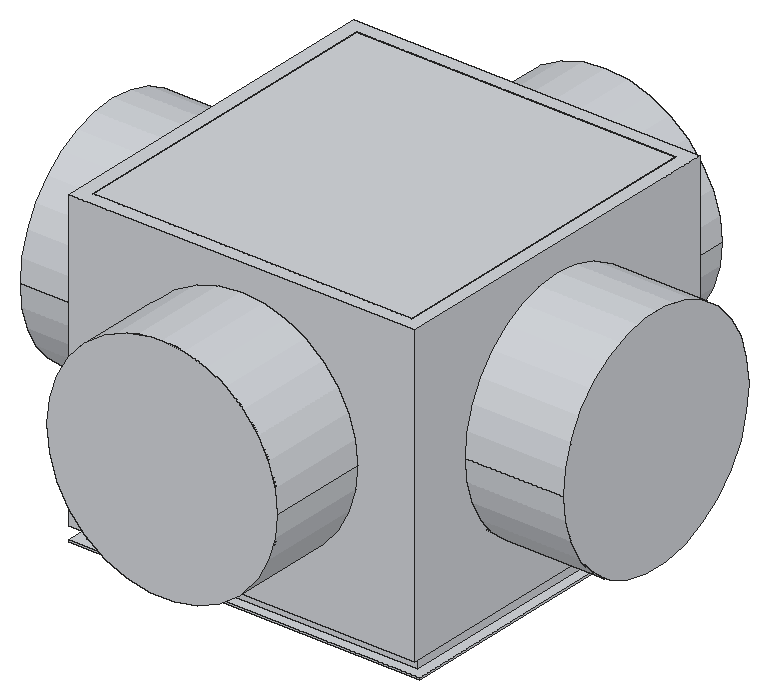
Revit family "DC_Holyoake_MEQ_EC-125 With Plenum_13", category Air Terminals, host Ceiling, Revit 2014
Parameters (values of type "EC-125 350 X 350 / OBD")
  West Spigot = yes
  Type Comments = " Egg Crate Return Air Grille with Plenum "  # constant formula
  Static Pressure Min = "3 Pa"
  Static Pressure Max = "80 Pa"
  Spigot Rad = 175 mm
  Specified Pressure Drop [instance] = 0.0 Pa
  Specified Air Flow [instance] = 0.0 L/s
  South Spigot = yes
  North Spigot = yes
  Noise Level NC Min = "< 10 NC"
  Noise Level NC Max = "60 NC"
  Min Flow = 20.0 L/s
  Max Flow = 4000.0 L/s
  Material Face = Holyoake White
  Material Body = Holyoake White
  Holyoake Product Range = "Holyoake Return Air Grille "  # constant formula
  Nominated Air Flow = 0.0 L/s
  East Spigot = yes
  CHPR = CHPR : Spigot Size 350
  Actual Neck Size Width = Nom Neck Width - 17 mm  # 483 mm
  Actual Neck Size Height = Nom Neck Width - 17 mm  # 483 mm
  Face Size Width = Nom Neck Width + 31 mm  # 531 mm
  Face Size Height = Nom Neck Height + 31 mm  # 531 mm
  Nom Neck Width = 500 mm
  URL = "http://www.holyoake.com"
  Model = "EC-125/OBD"
  Manufacturer = "Holyoake"  # constant formula
  Nom Neck Height = 500 mm
  Description = "Eggcrate Return/ Exhuast Air Grilles shall be Holyoake Model EC125 of aluminium construction. The Eggcrate Core shall be 12.5mm x 12.5mm x 12.5mm and fitted in an extruded aluminium Flanged Frame. Eggcrate  Grilles shall be finished in powdercoat and fitted with accessories and dampers where indicated as manufactured by Holyoake."  # constant formula
  Actual Face Size Width = Face Size Width  # 531 mm
  Actual Face Size Height = Face Size Height  # 531 mm
Types (14, lengths in mm): name | West Spigot | Spigot Rad | South Spigot | East Spigot | CHPR | Actual Neck Size Width | Actual Neck Size Height | Face Size Width | Face Size Height | Nom Neck Width | Model | Nom Neck Height | Actual Face Size Width | Actual Face Size Height
  EC-125 450 X 450 | yes | 225 | yes | yes | CHPR : Spigot Size 450 | 533 | 533 | 581 | 581 | 550 | "EC-125" | 550 | 581 | 581
  EC-125 400 X 400 | yes | 200 | yes | yes | CHPR : Spigot Size 400 | 483 | 483 | 531 | 531 | 500 | "EC-125" | 500 | 531 | 531
  EC-125 350 X 350 | yes | 175 | yes | yes | CHPR : Spigot Size 350 | 483 | 483 | 531 | 531 | 500 | "EC-125" | 500 | 531 | 531
  EC-125 300 X 300 | yes | 150 | yes | yes | CHPR : Spigot Size 300 | 533 | 533 | 581 | 581 | 550 | "EC-125" | 550 | 581 | 581
  EC-125 300 X 300 / OBD | yes | 150 | yes | yes | CHPR : Spigot Size 300 | 533 | 533 | 581 | 581 | 550 | "EC-125/OBD" | 550 | 581 | 581
  EC-125 350 X 350 / OBD | yes | 175 | yes | yes | CHPR : Spigot Size 350 | 483 | 483 | 531 | 531 | 500 | "EC-125/OBD" | 500 | 531 | 531
  EC-125 400 X 400 / OBD | yes | 200 | yes | yes | CHPR : Spigot Size 400 | 483 | 483 | 531 | 531 | 500 | "EC-125/OBD" | 500 | 531 | 531
  EC-125 450 X 450 / OBD | no | 225 | no | no | CHPR : Spigot Size 450 | 533 | 533 | 581 | 581 | 550 | "EC-125/OBD" | 550 | 581 | 581
  EC-125 150 x 150 | yes | 150 | yes | yes | CHPR : Spigot Size 150 | 533 | 533 | 581 | 581 | 550 | "EC-125" | 550 | 581 | 581
  EC-125 200 X 200 | yes | 100 | yes | yes | CHPR : Spigot Size 200 | 533 | 533 | 581 | 581 | 550 | "EC-125" | 550 | 581 | 581
  EC-125 250 X 250 | yes | 150 | yes | yes | CHPR : Spigot Size 250 | 533 | 533 | 581 | 581 | 550 | "EC-125" | 550 | 581 | 581
  EC-125 150 X 150 / OBD | yes | 150 | yes | yes | CHPR : Spigot Size 150 | 133 | 133 | 181 | 181 | 150 | "EC-125/OBD" | 150 | 181 | 181
  EC-125 200 X 200 / OBD | yes | 150 | yes | yes | CHPR : Spigot Size 200 | 533 | 533 | 581 | 581 | 550 | "EC-125 / OBD" | 550 | 581 | 581
  EC-125 250 X 250 / OBD | yes | 150 | yes | yes | CHPR : Spigot Size 250 | 533 | 533 | 581 | 581 | 550 | "EC-125/OBD" | 550 | 581 | 581
Reference planes
  plane 1 "Center (Front/Back)": y = 0
  plane 2: z = 0
  plane 3 "Center (Left/Right)": x = 0
  plane 4 "Ceiling": z = 4000
  plane 5: x = -250
  plane 6: x = 250
  plane 7: y = -250
  plane 8: y = 250
  plane 9: x = -265.5
  plane 10: x = 265.5
  plane 11: y = 265.5
  plane 12: y = -265.5
  plane 13: y = -241.5
  plane 14: y = 241.5
  plane 15: x = -241.5
  plane 16: x = 241.5
  plane 17: z = 3997
  plane 18: z = 4022
  plane 19: z = 4009.5
Forms (mm)
  Extrusion 1, solid
    sketch origin (0, 0, 0) x (1, 0, 0) y (0, 1, 0)
      loop
        line (-265.5, 265.5) -> (-265.5, -265.5) -> (265.5, -265.5) -> (265.5, 265.5) -> (-265.5, 265.5)
      loop
        line (-241.5, 241.5) -> (-241.5, -241.5) -> (241.5, -241.5) -> (241.5, 241.5) -> (-241.5, 241.5)
    from 3997 to 4000
  Extrusion 2, solid
    sketch origin (0, 0, 4000) x (0, 1, 0) y (-1, 0, 0)
      loop
        line (250, 250) -> (-250, 250) -> (-250, -250) -> (250, -250) -> (250, 250)
      loop
        line (241.5, 241.5) -> (-241.5, 241.5) -> (-241.5, -241.5) -> (241.5, -241.5) -> (241.5, 241.5)
    from 0 to 22
  Extrusion 3, solid, material "Holy Oak - Aluminium core"
    sketch origin (0, 0, 4000) x (0, 1, 0) y (-1, 0, 0)
      loop
        line (241.5, 241.5) -> (-241.5, 241.5) -> (-241.5, -241.5) -> (241.5, -241.5) -> (241.5, 241.5)
    from -3 to 9.5
Lines and regions (mm)
  Opening 1
    outline origin (0, 0, 4000) x (1, 0, 0) y (0, 1, 0)
      loop
        line (-250, 250) -> (-250, -250) -> (250, -250) -> (250, 250) -> (-250, 250)
Dimensions and locks
  equal spacing: host sketch curve, plane 3 "Center (Left/Right)", host sketch curve
  equal spacing: host sketch curve, plane 1 "Center (Front/Back)", host sketch curve
  host sketch curve to host sketch curve = 4000 mm  (x2)
  locked: plane 4 "Ceiling" to host ceiling at 0
  equal spacing: plane 5, plane 3 "Center (Left/Right)", plane 6
  "Nom Neck Height": plane 5 to plane 6
  equal spacing: plane 8, plane 1 "Center (Front/Back)", plane 7
  "Nom Neck Width": plane 8 to plane 7
  equal spacing: plane 12, plane 1 "Center (Front/Back)", plane 11
  "Face Size Width": plane 12 to plane 11
  equal spacing: plane 9, plane 3 "Center (Left/Right)", plane 10
  "Face Size Height": plane 9 to plane 10
  equal spacing: plane 13, plane 1 "Center (Front/Back)", plane 14
  "Actual Neck Size Width": plane 13 to plane 14
  equal spacing: plane 15, plane 3 "Center (Left/Right)", plane 16
  "Actual Neck Size Height": plane 15 to plane 16
  locked: plane 4 "Ceiling" to plane 18 at 22
  locked: plane 17 to plane 4 "Ceiling" at 3
  locked: plane 17 to plane 19 at 12.5
  plane 2 to plane 4 "Ceiling" = 4000 mm
  equal spacing: nested 1, plane 3 "Center (Left/Right)", nested 1
  nested 1 to plane 1 "Center (Front/Back)" to nested 1 = 270 mm, 270 mm
  aligned and locked: plane 5 to Opening 1 sketch curve
  aligned and locked: Opening 1 sketch curve to plane 8
  aligned and locked: plane 7 to Opening 1 sketch curve
  aligned and locked: Opening 1 sketch curve to plane 6
  aligned and locked: plane 9 to Extrusion 1 sketch curve
  aligned and locked: plane 11 to Extrusion 1 sketch curve
  aligned and locked: plane 12 to Extrusion 1 sketch curve
  aligned and locked: plane 10 to Extrusion 1 sketch curve
  aligned and locked: plane 15 to Extrusion 1 sketch curve
  aligned and locked: plane 14 to Extrusion 1 sketch curve
  aligned and locked: plane 13 to Extrusion 1 sketch curve
  aligned and locked: Extrusion 1 sketch curve to plane 16
  aligned and locked: Extrusion 1 to plane 17
  aligned and locked: Extrusion 1 to plane 4 "Ceiling"
  aligned and locked: plane 5 to Extrusion 2 sketch curve
  aligned and locked: plane 8 to Extrusion 2 sketch curve
  aligned and locked: plane 7 to Extrusion 2 sketch curve
  aligned and locked: plane 6 to Extrusion 2 sketch curve
  aligned and locked: plane 15 to Extrusion 2 sketch curve
  aligned and locked: Extrusion 2 sketch curve to plane 14
  aligned and locked: plane 13 to Extrusion 2 sketch curve
  aligned and locked: plane 16 to Extrusion 2 sketch curve
  aligned and locked: plane 4 "Ceiling" to Extrusion 2
  aligned and locked: plane 18 to Extrusion 2
  aligned and locked: Extrusion 3 sketch curve to Extrusion 1  (x3)
  aligned and locked: Extrusion 1 to Extrusion 3 sketch curve
  aligned and locked: Extrusion 3 to plane 17
  aligned and locked: plane 19 to Extrusion 3
  aligned and locked: nested 1 to Extrusion 2
Nested families
  nested 1: "CHPR" at (0, 0, 4022), West Spigot <- "West Spigot", South Spigot <- "South Spigot", North Spigot <- "North Spigot", East Spigot <- "East Spigot", type "Spigot Size 350"
    with West Spigot yes, South Spigot yes, North Spigot yes, East Spigot yes
Connectors
  hvac at (0, 420, 4257), driven by "Spigot Rad", driven by "Specified Air Flow", driven by "Specified Pressure Drop"
    settings: on nested 1, index 1, duct flow 0.0 L/s, flow factor 0, pres drop 0.0 Pa, loss coef 0, conn angle 0.00°, conn width 300 mm, conn height 300 mm, conn diameter 350 mm, duct sys type 2, conn prof type 0, flow config 1, flow direction 1, loss method 4, conn ref index -1, conn util no, is conn primary yes, conn desc ""
  hvac at (411.5, 0, 4257), driven by "Spigot Rad", driven by "Specified Air Flow", driven by "Specified Pressure Drop"
    settings: on nested 1, index 2, duct flow 0.0 L/s, flow factor 0, pres drop 0.0 Pa, loss coef 0, conn angle 0.00°, conn width 300 mm, conn height 300 mm, conn diameter 350 mm, duct sys type 2, conn prof type 0, flow config 1, flow direction 1, loss method 4, conn ref index -1, conn util no, is conn primary no, conn desc ""
  hvac at (0, -420, 4257), driven by "Spigot Rad", driven by "Specified Air Flow", driven by "Specified Pressure Drop"
    settings: on nested 1, index 3, duct flow 0.0 L/s, flow factor 0, pres drop 0.0 Pa, loss coef 0, conn angle 0.00°, conn width 300 mm, conn height 300 mm, conn diameter 350 mm, duct sys type 2, conn prof type 0, flow config 1, flow direction 1, loss method 4, conn ref index -1, conn util no, is conn primary no, conn desc ""
  hvac at (-411.5, 0, 4257), driven by "Spigot Rad", driven by "Specified Air Flow", driven by "Specified Pressure Drop"
    settings: on nested 1, index 4, duct flow 0.0 L/s, flow factor 0, pres drop 0.0 Pa, loss coef 0, conn angle 0.00°, conn width 300 mm, conn height 300 mm, conn diameter 350 mm, duct sys type 2, conn prof type 0, flow config 1, flow direction 1, loss method 4, conn ref index -1, conn util no, is conn primary no, conn desc ""
Definition of nested family "CHPR"
  Parameters (values of type "Spigot Size 200")
    West Spigot [instance] = yes
    URL = "http://www.holyoake.com/"
    Type Comments = "Premi-Aire Pre-Insulated Plenum"  # constant formula
    Spigot Rad = 100 mm
    Spigot Length = 170 mm
    South Spigot [instance] = yes
    North Spigot [instance] = yes
    Nom Neck Width = 1200 mm
    Nom Neck Height = 600 mm
    MIN Nominal Neck Size Width = MIN Nominal Neck Size Height  # 300 mm
    MIN Nominal Neck Size Height = (Spigot Rad * 2) + 100 mm  # 300 mm
    Model = "CHPR"
    Manufacturer = "Holyoake"
    Spigot Offset = Spigot Rad + 40 mm  # 140 mm
    Holyoake Product Range = " Holyoake Premi-Aire Plenum "  # constant formula
    Height = 300 mm
    Flow = 200.0 L/s
    East Spigot [instance] = yes
    Description = "Premi-Aire Pre-Insulated Plenum ADD DESCRIPTION    "  # constant formula
    Actual Neck Width = if(Nom Neck Width < MIN Nominal Neck Size Width, MIN Nominal Neck Size Width, Nom Neck Width)  # 1200 mm
    Actual Neck Height = if(Nom Neck Height < MIN Nominal Neck Size Height, MIN Nominal Neck Size Height, Nom Neck Height)  # 600 mm
  Types (8, lengths in mm): name | Spigot Rad | Nom Neck Width | Nom Neck Height | MIN Nominal Neck Size Width | MIN Nominal Neck Size Height | Spigot Offset | Height | Flow | Actual Neck Width | Actual Neck Height
    (no name) | 100 | 1200 | 600 | 300 | 300 | 140 | 300 | 200.0 L/s | 1200 | 600
    Spigot Size 150 | 75 | 0 | 0 | 250 | 250 | 115 | 250 | 0.0 L/s | 250 | 250
    Spigot Size 200 | 100 | 1200 | 600 | 300 | 300 | 140 | 300 | 200.0 L/s | 1200 | 600
    Spigot Size 250 | 125 | 0 | 0 | 350 | 350 | 165 | 350 | 0.0 L/s | 350 | 350
    Spigot Size 300 | 150 | 0 | 0 | 400 | 400 | 190 | 400 | 0.0 L/s | 400 | 400
    Spigot Size 350 | 175 | 0 | 0 | 450 | 450 | 215 | 450 | 0.0 L/s | 450 | 450
    Spigot Size 400 | 200 | 0 | 0 | 500 | 500 | 240 | 500 | 0.0 L/s | 500 | 500
    Spigot Size 450 | 225 | 0 | 0 | 550 | 550 | 265 | 550 | 0.0 L/s | 550 | 550
  Reference planes
    plane 1 "Center (Front/Back)": y = 0
    plane 2: z = 0
    plane 3 "Center (Left/Right)": x = 0
    plane 4: y = 300
    plane 5: y = -300
    plane 6: x = 600
    plane 7: x = -600
    plane 8: z = 160
    plane 9: z = 300
  Forms (mm)
    Extrusion 1, solid
      sketch origin (0, 0, 0) x (1, 0, 0) y (0, 1, 0)
        loop
          line (-600, 300) -> (-600, -300) -> (600, -300) -> (600, 300) -> (-600, 300)
        loop
          line (-620, 320) -> (-620, -320) -> (620, -320) -> (620, 320) -> (-620, 320)
      from 0 to 300
    Extrusion 2, solid
      sketch origin (0, 0, 0) x (1, 0, 0) y (0, 0, 1)
        loop
          line (-600, 300) -> (-600, 280) -> (600, 280) -> (600, 300) -> (-600, 300)
      from -300 to 300
    Extrusion 3, solid, visible <- "West Spigot"
      sketch origin (0, 0, 0) x (0, 1, 0) y (0, 0, 1)
        loop
          circle (0, 160) r 100
      from -770 to -600
    Extrusion 4, solid, visible <- "South Spigot"
      sketch origin (0, 0, 0) x (1, 0, 0) y (0, 0, 1)
        loop
          circle (0, 160) r 100
      from 300 to 470
    Extrusion 5, solid, visible <- "North Spigot"
      sketch origin (0, 0, 0) x (1, 0, 0) y (0, 0, 1)
        loop
          circle (0, 160) r 100
      from -470 to -300
    Extrusion 6, solid, visible <- "East Spigot"
      sketch origin (0, 0, 0) x (0, 1, 0) y (0, 0, 1)
        loop
          circle (0, 160) r 100
      from 600 to 770
  Lines and regions (mm)
    reference lines
      curve 1: line (-931.79, 470, 0) -> (866.366, 470, 0)
      curve 2: line (770, 375.853, 0) -> (770, -470, 0)
      curve 3: line (-931.79, -470, 0) -> (706.366, -470, 0)
      curve 4: line (-770, 785.486, 0) -> (-770, -640.367, 0)
  Text (mm)
    text "FRONT" at (-1290.246, -1121.837, 0), in view "Ref. Level"
    text "BACK" at (-1290.246, 1534.829, 0), in view "Ref. Level"
  Dimensions and locks
    equal spacing: plane 7, plane 3 "Center (Left/Right)", plane 6
    equal spacing: plane 4, plane 1 "Center (Front/Back)", plane 5
    "Height": plane 9 to level
    Extrusion 1 to Extrusion 2 sketch curve = 20 mm
    "Spigot Offset": plane 9 to plane 8
    "Spigot Length": curve 4 to plane 7
    "Spigot Length": plane 6 to curve 2
    "Spigot Length": curve 1 to plane 4
    "Spigot Length": plane 5 to curve 3
    "Actual Neck Width": plane 7 to plane 6
    "Actual Neck Height": plane 4 to plane 5
    "Spigot Rad": radius of Extrusion 3 sketch curve
    "Spigot Rad": radius of Extrusion 4 sketch curve
    "Spigot Rad": radius of Extrusion 5 sketch curve
    "Spigot Rad": radius of Extrusion 6 sketch curve
    aligned and locked: plane 7 to Extrusion 1 sketch curve
    aligned and locked: Extrusion 1 sketch curve to plane 4
    aligned and locked: plane 5 to Extrusion 1 sketch curve
    aligned and locked: Extrusion 1 sketch curve to plane 6
    aligned and locked: Extrusion 1 to plane 9
    aligned and locked: plane 9 to Extrusion 2 sketch curve
    aligned: Extrusion 2 to Extrusion 1  (x2)
    aligned and locked: plane 6 to Extrusion 2 sketch curve
    aligned and locked: Extrusion 2 sketch curve to plane 7
    aligned and locked: plane 4 to Extrusion 2
    aligned and locked: Extrusion 2 to plane 5
    aligned and locked: plane 8 to Extrusion 3 sketch curve
    aligned and locked: plane 1 "Center (Front/Back)" to Extrusion 3 sketch curve
    aligned and locked: plane 7 to Extrusion 3
    aligned and locked: Extrusion 4 to curve 2
    aligned and locked: plane 5 to Extrusion 4
    aligned and locked: Extrusion 5 to curve 1
    aligned and locked: Extrusion 5 to plane 4
    aligned and locked: Extrusion 6 to plane 6
    aligned and locked: curve 4 to Extrusion 3
    aligned and locked: Extrusion 6 to curve 2
  Automatic sketch dimensions
    Extrusion 1 sketch curve to plane 7 = 20 mm
    plane 6 to Extrusion 1 sketch curve = 20 mm
    Extrusion 1 sketch curve to plane 5 = 20 mm
    plane 4 to Extrusion 1 sketch curve = 20 mm
    curve 3 to plane 7 = 331.79 mm
    curve 1 to plane 7 = 331.79 mm
    curve 3 to curve 2 = 63.634 mm
    curve 2 to curve 1 = 96.366 mm
    curve 4 to curve 3 = 170.367 mm
    curve 3 to curve 2 = 0 mm
    curve 2 to curve 1 = 94.147 mm
    curve 1 to curve 4 = 315.486 mm
    Extrusion 4 sketch curve to plane 3 "Center (Left/Right)" = 0 mm
    Extrusion 4 sketch curve to plane 8 = 0 mm
    Extrusion 5 sketch curve to plane 3 "Center (Left/Right)" = 0 mm
    Extrusion 5 sketch curve to plane 8 = 0 mm
    Extrusion 6 sketch curve to plane 1 "Center (Front/Back)" = 0 mm
    Extrusion 6 sketch curve to plane 8 = 0 mm
  Connectors
    hvac at (-770, 0, 160), driven by "Spigot Rad"
      settings: on Extrusion 3, index 1, duct flow 0.0 L/s, flow factor 0, pres drop 0.0 Pa, loss coef 0, conn angle 0.00°, conn width 300 mm, conn height 300 mm, conn diameter 200 mm, duct sys type 3, conn prof type 0, flow config 0, flow direction 2, loss method 0, conn ref index -1, conn util no, is conn primary no, conn desc ""
    hvac at (0, 470, 160), driven by "Spigot Rad", driven by "Flow"
      settings: on Extrusion 5, index 2, duct flow 200.0 L/s, flow factor 0, pres drop 0.0 Pa, loss coef 0, conn angle 0.00°, conn width 300 mm, conn height 300 mm, conn diameter 200 mm, duct sys type 1, conn prof type 0, flow config 0, flow direction 0, loss method 0, conn ref index -1, conn util no, is conn primary yes, conn desc ""
    hvac at (770, 0, 160), driven by "Spigot Rad"
      settings: on Extrusion 6, index 3, duct flow 0.0 L/s, flow factor 0, pres drop 0.0 Pa, loss coef 0, conn angle 0.00°, conn width 300 mm, conn height 300 mm, conn diameter 200 mm, duct sys type 1, conn prof type 0, flow config 0, flow direction 0, loss method 0, conn ref index -1, conn util no, is conn primary no, conn desc ""
    hvac at (0, -470, 160), driven by "Spigot Rad"
      settings: on Extrusion 4, index 4, duct flow 0.0 L/s, flow factor 0, pres drop 0.0 Pa, loss coef 0, conn angle 0.00°, conn width 300 mm, conn height 300 mm, conn diameter 200 mm, duct sys type 1, conn prof type 0, flow config 0, flow direction 0, loss method 0, conn ref index -1, conn util no, is conn primary no, conn desc ""
